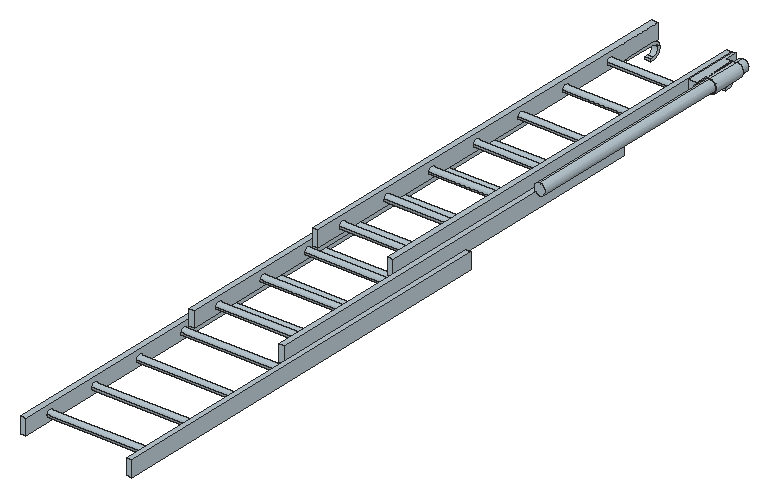
Revit family "NLRS_33_GM_FB_TC_STORAX_vloerluikladder_DLL-IH3", category Generic Models, host Face, Revit 2015
Parameters (values of type "DLL-IH3/345")
  uitschuifbare leuning = true  # yes
  true = yes
  slotbeugel = yes
  productgroep = "Dakluiken"  # constant formula
  omschrijving = "dakluikladder"  # constant formula
  normering = "NEN 2484/EN 131"  # constant formula
  modeler = "Bouwconnect"  # constant formula
  materiaal = bcb_aluminium
  lengte ladderdeel = 1900 mm
  inhaakbeugel en weghangbakje = true  # yes
  hoogte = 3450 mm
  garantietermijn in jaren = 5  # constant formula
  false = not(true)  # no
  conservering = "brut"  # constant formula
  code productgroep = "LUI"  # constant formula
  breedte ladderdeel 3 = 360 mm  # constant formula
  breedte ladderdeel 2 = 430 mm  # constant formula
  breedte ladderdeel 1 = 500 mm  # constant formula
  belasting totaal = 150.00 kg  # constant formula
  antislip profilering = true  # yes
  aantal sporten = 7
  URL = "http://www.storax.nl/producten/Staal/274/BV-FL-THERMO"
  Model = "DLL-IH"  # constant formula
  Manufacturer = "Storax"  # constant formula
  Default Elevation = 0 mm  # constant formula
Types (7, lengths in mm): name | lengte ladderdeel | hoogte | aantal sporten
  (no name) | 1900 | 3450 | 7
  DLL-IH3/345 | 1900 | 3450 | 7
  DLL-IH3/430 | 2150 | 4300 | 8
  DLL-IH3/495 | 2650 | 4950 | 9
  DLL-IH3/565 | 3150 | 5650 | 10
  DLL-IH3/690 | 3150 | 6900 | 12
  DLL-IH3/800 | 3650 | 8000 | 14
Reference planes
  plane 1 "Center (Front/Back)": y = 0
  plane 2: z = 0
  plane 3 "Center (Left/Right)": x = 0
  plane 4 "deel 2": z = 50
  plane 5: y = 3450
  plane 6 "deel 3": z = 100
Dimensions and locks
  plane 4 "deel 2" to plane 2 = 50 mm
  "hoogte": plane 5 to plane 1 "Center (Front/Back)"
  plane 6 "deel 3" to plane 4 "deel 2" = 50 mm
  aligned and locked: plane 2 to host face
  aligned and locked: level to host face
  aligned and locked: plane 1 "Center (Front/Back)" to nested 1
  aligned and locked: plane 3 "Center (Left/Right)" to nested 1
  aligned and locked: plane 3 "Center (Left/Right)" to nested 2
  aligned and locked: nested 4 to nested 3  (x2)
  aligned and locked: plane 5 to nested 3
  aligned and locked: plane 3 "Center (Left/Right)" to nested 3
Automatic sketch dimensions
  host sketch curve to host sketch curve = 1500 mm
  host sketch curve to host sketch curve = 3400 mm
Nested families
  nested 1: "NLRS_33_GM_FB_TC_STORAX_vloerluik_DLL-IH_ladderdeel" at (0, 0, 0), breedte <- "breedte ladderdeel 1", hoogte <- "lengte ladderdeel", aantal sporten <- "aantal sporten", type "NLRS_33_GM_FB_TC_STORAX_vloerluik_DLL-IH_ladderdeel"
    with hoogte 1900 mm, haken no, breedte 500 mm, afstand sport 1 130 mm, afstand sport 250 mm, aantal sporten 7
  nested 2: "NLRS_33_GM_FB_TC_STORAX_vloerluik_DLL-IH_ladderdeel" at (0, 900, 50), breedte <- "breedte ladderdeel 2", hoogte <- "lengte ladderdeel", aantal sporten <- "aantal sporten", type "NLRS_33_GM_FB_TC_STORAX_vloerluik_DLL-IH_ladderdeel"
    with hoogte 1900 mm, haken no, breedte 430 mm, afstand sport 1 130 mm, afstand sport 250 mm, aantal sporten 7
  nested 3: "NLRS_33_GM_FB_TC_STORAX_vloerluik_DLL-IH_ladderdeel" at (0, 1550, 100), breedte <- "breedte ladderdeel 3", hoogte <- "lengte ladderdeel", aantal sporten <- "aantal sporten", type "NLRS_33_GM_FB_TC_STORAX_vloerluik_DLL-IH_ladderdeel"
    with hoogte 1900 mm, haken yes, breedte 360 mm, afstand sport 1 130 mm, afstand sport 250 mm, aantal sporten 7
  nested 4: "NLRS_33_GM_FB_TC_STORAX_vloerluik_DLL-IH_leuning" at (180, 3450, 140) x (0, 0, -1) z (1, 0, 0), type "NLRS_33_GM_FB_TC_STORAX_vloerluik_DLL-IH_leuning"
Definition of nested family "NLRS_33_GM_FB_TC_STORAX_vloerluik_DLL-IH_ladderdeel"
  Parameters (values of type "NLRS_33_GM_FB_TC_STORAX_vloerluik_DLL-IH_ladderdeel")
    productgroep = "Dakluiken"  # constant formula
    omschrijving = "dakluikladder"  # constant formula
    normering = "EN-1090"  # constant formula
    modeler = "Bouwconnect"  # constant formula
    materiaal = none
    hoogte [instance] = 2500 mm
    haken [instance] = yes
    garantietermijn in jaren = 5  # constant formula
    code productgroep = "LUI"  # constant formula
    breedte [instance] = 430 mm
    afstand sport 1 [instance] = 125 mm
    afstand sport [instance] = 250 mm
    aantal sporten [instance] = 10
    URL = "http://www.storax.nl/producten/Staal/274/BV-FL-THERMO"
    Model = "DLL-IH"  # constant formula
    Manufacturer = "Storax"  # constant formula
    Default Elevation = 0 mm  # constant formula
  Reference planes
    plane 1 "Center (Front/Back)": y = 0
    plane 2: z = 0
    plane 3 "Center (Left/Right)": x = 0
    plane 4: x = 215
    plane 5: x = -215
    plane 6: x = 190
    plane 7: x = -190
    plane 8: y = 125
    plane 9: y = 375
    plane 10: y = 2500
    plane 11: y = 2375
  Forms (mm)
    Extrusion 1, solid, not visible
      sketch origin (0, 0, 0) x (1, 0, 0) y (0, 1, 0)
        loop
          line (-2490.5, 3400) -> (-2490.5, -2478.769) -> (2053.963, -2478.769) -> (2053.963, 3400) -> (-2490.5, 3400)
      from 0 to -100
    Extrusion 2, solid, material <- "materiaal"
      sketch origin (0, 0, 0) x (0, 1, 0) y (0, 0, 1)
        loop
          line (0, 70) -> (0, 0) -> (2500, 0) -> (2500, 70) -> (0, 70)
      from 190 to 215
    Extrusion 3, solid, material <- "materiaal"
      sketch origin (0, 0, 0) x (0, 1, 0) y (0, 0, 1)
        loop
          line (0, 70) -> (0, 0) -> (2500, 0) -> (2500, 70) -> (0, 70)
      from -215 to -190
    Extrusion 4, solid, material <- "materiaal", visible <- "haken"
      sketch origin (0, 0, 0.429) x (0, 1, 0) y (0, 0, 1)
        loop
          line (2327.272, -10.429) -> (2477.272, -10.429)
          arc (2477.272, -10.429) -> (2502.272, -35.429) -> (2477.272, -60.429) r 25
          line (2477.272, -60.429) -> (2462.272, -60.429) -> (2462.272, -70.429) -> (2477.272, -70.429)
          arc (2477.272, -70.429) -> (2512.272, -35.429) -> (2477.272, -0.429) r 35
          line (2477.272, -0.429) -> (2327.272, -0.429) -> (2327.272, -10.429)
      from 190 to 215
    Extrusion 5, solid, material <- "materiaal", visible <- "haken"
      sketch origin (0, 0, 0.429) x (0, 1, 0) y (0, 0, -1)
        loop
          line (2327.272, 10.429) -> (2327.272, 0.429) -> (2477.272, 0.429)
          arc (2477.272, 0.429) -> (2512.272, 35.429) -> (2477.272, 70.429) r 35
          line (2477.272, 70.429) -> (2462.272, 70.429) -> (2462.272, 60.429) -> (2477.272, 60.429)
          arc (2477.272, 60.429) -> (2502.272, 35.429) -> (2477.272, 10.429) r 25
          line (2477.272, 10.429) -> (2327.272, 10.429)
      from 190 to 215
  Dimensions and locks
    "breedte": plane 5 to plane 4
    equal spacing: plane 5, plane 3 "Center (Left/Right)", plane 4
    locked: plane 5 to plane 7 at 25
    locked: plane 6 to plane 4 at 25
    "afstand sport": plane 9 to plane 8
    "afstand sport 1": plane 1 "Center (Front/Back)" to plane 8
    "hoogte": plane 1 "Center (Front/Back)" to plane 10
    locked: plane 11 to plane 10 at 125
    equal spacing: group 1, group 2, group 3, group 4, group 5, group 6, group 7, group 8, group 9, group 10  (x3)
    aligned and locked: Extrusion 1 to plane 2
    aligned and locked: Extrusion 1 to level
    aligned and locked: plane 4 to Extrusion 2
    aligned and locked: Extrusion 2 to plane 6
    aligned and locked: Extrusion 3 to plane 5
    aligned and locked: Extrusion 3 to plane 7
    aligned and locked: nested 1 to plane 8
    aligned and locked: plane 3 "Center (Left/Right)" to nested 1
    aligned and locked: Extrusion 3 to plane 10
    aligned and locked: Extrusion 2 to plane 10
    aligned and locked: plane 4 to Extrusion 4
    aligned and locked: Extrusion 4 to plane 6
    aligned and locked: Extrusion 5 to plane 7
    aligned and locked: Extrusion 5 to plane 5
    aligned and locked: nested 2 to plane 9
  Automatic sketch dimensions
    Extrusion 1 sketch curve to Extrusion 1 sketch curve = 4544.463 mm
    Extrusion 1 sketch curve to Extrusion 1 sketch curve = 5878.769 mm
    Extrusion 2 sketch curve to plane 1 "Center (Front/Back)" = 0 mm
    level to Extrusion 2 sketch curve = 0 mm
    Extrusion 2 sketch curve to plane 10 = 0 mm
    level to Extrusion 2 sketch curve = 70 mm
    Extrusion 3 sketch curve to level = 0 mm
    Extrusion 3 sketch curve to plane 1 "Center (Front/Back)" = 0 mm
    Extrusion 3 sketch curve to plane 10 = 0 mm
    Extrusion 3 sketch curve to Extrusion 3 sketch curve = 70 mm
    Extrusion 4 sketch curve to Extrusion 4 sketch curve = 0 mm  (x2)
    level to Extrusion 4 sketch curve = 0 mm
    plane 11 to Extrusion 4 sketch curve = 47.728 mm
    plane 10 to Extrusion 4 sketch curve = 37.728 mm
    plane 10 to Extrusion 4 sketch curve = 22.728 mm
    Extrusion 4 sketch curve to Extrusion 4 sketch curve = 10 mm
    Extrusion 4 sketch curve to Extrusion 4 sketch curve = 25 mm
    Extrusion 5 sketch curve to Extrusion 5 sketch curve = 0 mm  (x2)
    Extrusion 5 sketch curve to level = 0 mm
    plane 11 to Extrusion 5 sketch curve = 47.728 mm
    plane 10 to Extrusion 5 sketch curve = 37.728 mm
    plane 10 to Extrusion 5 sketch curve = 22.728 mm
    Extrusion 5 sketch curve to Extrusion 5 sketch curve = 10 mm
    Extrusion 5 sketch curve to Extrusion 5 sketch curve = 25 mm
  Nested families
    nested 1: "NLRS_33_GM_FB_TC_STORAX_vloerluik_DLL-IH_sport" at (0, 125, 0), type "NLRS_33_GM_FB_TC_STORAX_vloerluik_DLL-IH_sport"
      with breedte 430 mm
    nested 2: "NLRS_33_GM_FB_TC_STORAX_vloerluik_DLL-IH_sport" at (0, 375, 0), type "NLRS_33_GM_FB_TC_STORAX_vloerluik_DLL-IH_sport"
      with breedte 430 mm
    nested 3: "NLRS_33_GM_FB_TC_STORAX_vloerluik_DLL-IH_sport" at (0, 625, 0), type "NLRS_33_GM_FB_TC_STORAX_vloerluik_DLL-IH_sport"
      with breedte 430 mm
    nested 4: "NLRS_33_GM_FB_TC_STORAX_vloerluik_DLL-IH_sport" at (0, 875, 0), type "NLRS_33_GM_FB_TC_STORAX_vloerluik_DLL-IH_sport"
      with breedte 430 mm
    nested 5: "NLRS_33_GM_FB_TC_STORAX_vloerluik_DLL-IH_sport" at (0, 1125, 0), type "NLRS_33_GM_FB_TC_STORAX_vloerluik_DLL-IH_sport"
      with breedte 430 mm
    nested 6: "NLRS_33_GM_FB_TC_STORAX_vloerluik_DLL-IH_sport" at (0, 1375, 0), type "NLRS_33_GM_FB_TC_STORAX_vloerluik_DLL-IH_sport"
      with breedte 430 mm
    nested 7: "NLRS_33_GM_FB_TC_STORAX_vloerluik_DLL-IH_sport" at (0, 1625, 0), type "NLRS_33_GM_FB_TC_STORAX_vloerluik_DLL-IH_sport"
      with breedte 430 mm
    nested 8: "NLRS_33_GM_FB_TC_STORAX_vloerluik_DLL-IH_sport" at (0, 1875, 0), type "NLRS_33_GM_FB_TC_STORAX_vloerluik_DLL-IH_sport"
      with breedte 430 mm
    nested 9: "NLRS_33_GM_FB_TC_STORAX_vloerluik_DLL-IH_sport" at (0, 2125, 0), type "NLRS_33_GM_FB_TC_STORAX_vloerluik_DLL-IH_sport"
      with breedte 430 mm
    nested 10: "NLRS_33_GM_FB_TC_STORAX_vloerluik_DLL-IH_sport" at (0, 2375, 0), type "NLRS_33_GM_FB_TC_STORAX_vloerluik_DLL-IH_sport"
      with breedte 430 mm
  Definition of nested family "NLRS_33_GM_FB_TC_STORAX_vloerluik_DLL-IH_sport"
    Parameters (values of type "NLRS_33_GM_FB_TC_STORAX_vloerluik_DLL-IH_sport")
      productgroep = "Dakluiken"  # constant formula
      omschrijving = "dakluikladder"  # constant formula
      modeler = "Bouwconnect"  # constant formula
      materiaal = none
      garantietermijn in jaren = 5  # constant formula
      code productgroep = "LUI"  # constant formula
      breedte = 500 mm
      URL = "http://www.storax.nl/producten/Staal/274/BV-FL-THERMO"
      Model = "DLL-IH"  # constant formula
      Manufacturer = "Storax"  # constant formula
      Default Elevation = 0 mm  # constant formula
    Reference planes
      plane 1 "Center (Front/Back)": y = 0
      plane 2: z = 0
      plane 3 "Center (Left/Right)": x = 0
      plane 4: x = 250
      plane 5: x = -250
      plane 6: x = 225
      plane 7: x = -225
    Forms (mm)
      Extrusion 1, solid, not visible
        sketch origin (0, 0, 0) x (1, 0, 0) y (0, 1, 0)
          loop
            line (-2490.5, 3400) -> (-2490.5, -2478.769) -> (2053.963, -2478.769) -> (2053.963, 3400) -> (-2490.5, 3400)
        from 0 to -100
      Extrusion 2, solid, material <- "materiaal"
        sketch origin (0, -125, 0) x (0, 1, 0) y (0, 0, 1)
          loop
            circle (125, 35) r 15
        from -225 to 225
    Dimensions and locks
      "breedte": plane 5 to plane 4
      equal spacing: plane 5, plane 3 "Center (Left/Right)", plane 4
      locked: plane 5 to plane 7 at 25
      locked: plane 6 to plane 4 at 25
      aligned and locked: Extrusion 1 to plane 2
      aligned and locked: Extrusion 1 to level
      aligned and locked: plane 7 to Extrusion 2
      aligned and locked: Extrusion 2 to plane 7  (x2)
      aligned and locked: plane 6 to Extrusion 2
      aligned and locked: Extrusion 2 to plane 6
    Automatic sketch dimensions
      Extrusion 1 sketch curve to Extrusion 1 sketch curve = 4544.463 mm
      Extrusion 1 sketch curve to Extrusion 1 sketch curve = 5878.769 mm
      level to Extrusion 2 sketch curve = 35 mm
      Extrusion 2 sketch curve to plane 1 "Center (Front/Back)" = 0 mm
      radius of Extrusion 2 sketch curve = 15 mm
Definition of nested family "NLRS_33_GM_FB_TC_STORAX_vloerluik_DLL-IH_leuning"
  Parameters (values of type "NLRS_33_GM_FB_TC_STORAX_vloerluik_DLL-IH_balustrade")
    uitgeschoven = 1145 mm
    productgroep = "Dakluiken"  # constant formula
    omschrijving = "dakluikladder"  # constant formula
    normering = "EN-1090"  # constant formula
    modeler = "Bouwconnect"  # constant formula
    materiaal = none
    garantietermijn in jaren = 10  # constant formula
    code productgroep = "LUI"  # constant formula
    URL = "http://www.storax.nl/producten/Staal/274/BV-FL-THERMO"
    Model = "DLL-IH"  # constant formula
    Manufacturer = "Storax"  # constant formula
    Default Elevation = 0 mm  # constant formula
  Reference planes
    plane 1 "Center (Front/Back)": y = 0
    plane 2: z = 0
    plane 3 "Center (Left/Right)": x = 0
    plane 4: y = -1145
    plane 5: y = -10
  Forms (mm)
    Extrusion 1, solid, not visible
      sketch origin (-209.5, -3090, 0) x (1, 0, 0) y (0, 1, 0)
        loop
          line (-50.5, 3400) -> (-50.5, 1850.477) -> (543.877, 1850.477) -> (543.877, 3400) -> (-50.5, 3400)
      from 0 to -100
    Extrusion 2, solid, material <- "materiaal"
      sketch origin (-287.97, 0, 0) x (0, -1, 0) y (0, 0, 1)
        loop
          line (0, 0) -> (250, 0) -> (250, 40) -> (50, 40) -> (50, 15) -> (0, 15) -> (0, 0)
      from -317.97 to -257.97
    Extrusion 3, solid, material <- "materiaal"
      sketch origin (30, 0, 0) x (0, 0, 1) y (-1, 0, 0)
        loop
          line (40, 60) -> (40, 58) -> (60, 58)
          arc (60, 58) -> (88, 30) -> (60, 2) r 28
          line (60, 2) -> (40, 2) -> (40, 0) -> (60, 0)
          arc (60, 0) -> (90, 30) -> (60, 60) r 30
          line (60, 60) -> (40, 60)
      from 50.163 to 200
    Extrusion 4, void
      sketch origin (30, 0, 0) x (0, 0, 1) y (-1, 0, 0)
        loop
          arc (55, 58) -> (27, 30) -> (55, 2) r 28
          line (55, 2) -> (55, 58)
      from 0 to 250
    Extrusion 5, solid, material <- "materiaal"
      sketch origin (0, 0, 0) x (1, 0, 0) y (0, 0, 1)
        loop
          circle (0, 55) r 25
      from 10 to 1145
  Cuts and joins
    Extrusion 4 cuts Extrusion 2
    joined: Extrusion 2, Extrusion 3
  Dimensions and locks
    locked: plane 4 to plane 5 at 1135
    "uitgeschoven": plane 4 to plane 1 "Center (Front/Back)"
    aligned and locked: plane 2 to Extrusion 1
    aligned and locked: level to Extrusion 1
    aligned and locked: plane 4 to Extrusion 5
    aligned and locked: Extrusion 5 to plane 5
  Automatic sketch dimensions
    Extrusion 1 sketch curve to Extrusion 1 sketch curve = 594.377 mm
    Extrusion 1 sketch curve to Extrusion 1 sketch curve = 1549.523 mm
    Extrusion 2 sketch curve to level = 0 mm
    Extrusion 2 sketch curve to plane 1 "Center (Front/Back)" = 0 mm
    plane 5 to Extrusion 2 sketch curve = 40 mm
    Extrusion 2 sketch curve to Extrusion 2 sketch curve = 200 mm
    Extrusion 2 sketch curve to Extrusion 2 sketch curve = 15 mm
    Extrusion 2 sketch curve to Extrusion 2 sketch curve = 40 mm
    Extrusion 3 sketch curve to Extrusion 3 sketch curve = 0 mm  (x2)
    Extrusion 3 sketch curve to plane 3 "Center (Left/Right)" = 0 mm
    level to Extrusion 3 sketch curve = 40 mm  (x2)
    Extrusion 3 sketch curve to Extrusion 3 sketch curve = 20 mm
    plane 3 "Center (Left/Right)" to Extrusion 3 sketch curve = 28 mm
    Extrusion 3 sketch curve to Extrusion 3 sketch curve = 2 mm
    Extrusion 4 sketch curve to plane 3 "Center (Left/Right)" = 0 mm
    level to Extrusion 4 sketch curve = 55 mm
    plane 3 "Center (Left/Right)" to Extrusion 4 sketch curve = 28 mm
    Extrusion 5 sketch curve to plane 3 "Center (Left/Right)" = 0 mm
    level to Extrusion 5 sketch curve = 55 mm
    radius of Extrusion 5 sketch curve = 25 mm
